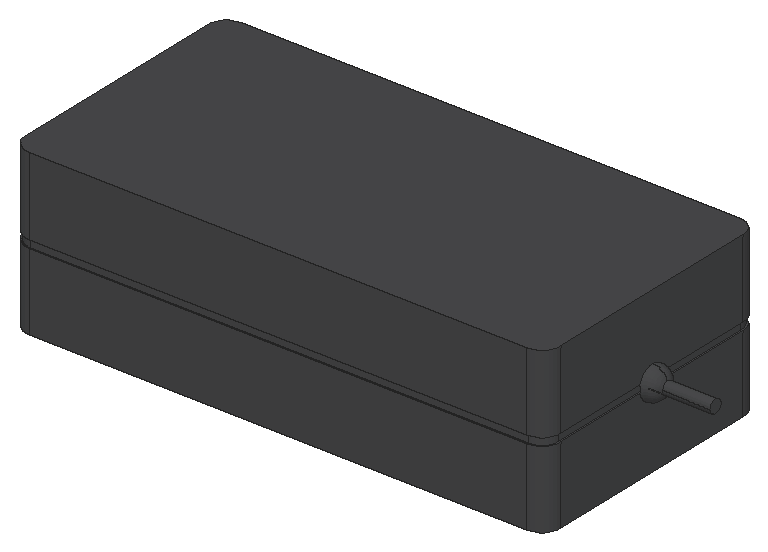
Revit family "LF242", category Luminarias, Revit 2019
Family settings
  Cota de conector redondo = Diámetro de uso
  Tipo de pieza = Normal
  Se basa en plano de trabajo = Sí
  Siempre vertical = No
  Corte con vacíos al cargar = No
  Origen de luz = No
  Compartido = Sí
  Punto de cálculo de habitación = No
Parameters (values of type "FUENTE_LF242")
  Keynote = ""
  Modelo = "LF242"
  Lamp = ""
  Fabricante = "BRILLANT"
  Default Elevation = 1219.2 mm
  Descripción = "FUENTE DE ALIMENTACION CON UNA CAPACIDAD DE 50W, ALIMENTACION ENTRADA 90-240VAC/50-60Hz, SALIDA 24VDC, 1.7mA, TEMPERATURA DE OPERACIÓN: 0-40C, DIMENSIONES DE 115X57X30MM, IP 20."
  Comentarios de vataje = "24V//90-240V"
Reference planes
  plane 1 "Centro (Frontal/Posterior)": y = 0
  plane 2: z = 0
  plane 3 "Centro (Izquierda/Derecha)": x = 0
  plane 4: x = -57.5
  plane 5: x = 57.5
  plane 6: y = 28.5
  plane 7: y = -28.5
  plane 8: z = 35
Forms (mm)
  Extrusion 1, solid, material "Default Form"
    sketch origin (0, 0, 0) x (1, 0, 0) y (0, 1, 0)
      loop
        arc (-53.412, 28.5) -> (-56.303, 27.303) -> (-57.5, 24.412) r 4.088
        line (-57.5, 24.412) -> (-57.5, -24.412)
        arc (-57.5, -24.412) -> (-56.303, -27.303) -> (-53.412, -28.5) r 4.088
        line (-53.412, -28.5) -> (53.412, -28.5)
        arc (53.412, -28.5) -> (56.303, -27.303) -> (57.5, -24.412) r 4.088
        line (57.5, -24.412) -> (57.5, 24.412)
        arc (57.5, 24.412) -> (56.303, 27.303) -> (53.412, 28.5) r 4.088
        line (53.412, 28.5) -> (-53.412, 28.5)
    from 0 to 35
  Extrusion 2, void
    sketch origin (0, 3.125, 0) x (0, 1, 0) y (0, 0, 1)
      loop
        line (-7.134, 25.039) -> (-14.233, 20.069) -> (-14.233, 11.631)
        arc (-14.233, 11.631) -> (-13.776, 10.526) -> (-12.671, 10.069) r 1.562
        line (-12.671, 10.069) -> (6.421, 10.069)
        arc (6.421, 10.069) -> (7.526, 10.526) -> (7.983, 11.631) r 1.562
        line (7.983, 11.631) -> (7.983, 20.069) -> (0.884, 25.039) -> (-7.134, 25.039)
      loop
        line (-2.677, 21.742) -> (-3.573, 21.742) -> (-3.573, 18.778) -> (-2.677, 18.778) -> (-2.677, 21.742)
      loop
        line (0.964, 18.794) -> (0.067, 18.794) -> (0.067, 15.83) -> (0.964, 15.83) -> (0.964, 18.794)
      loop
        line (-7.214, 18.794) -> (-7.214, 15.83) -> (-6.317, 15.83) -> (-6.317, 18.794) -> (-7.214, 18.794)
    from -57.5 to -54.518
  Extrusion 3, solid, material "Default Form"
    sketch origin (0, 0, 0) x (0, 1, 0) y (0, 0, 1)
      loop
        line (23.42, 9.493) -> (23.42, 24.574)
        arc (23.42, 24.574) -> (21.956, 28.109) -> (18.42, 29.574) r 5
        line (18.42, 29.574) -> (-18.421, 29.574)
        arc (-18.421, 29.574) -> (-21.834, 28.227) -> (-23.409, 24.913) r 5
        line (-23.409, 24.913) -> (-23.409, 9.49)
        arc (-23.409, 9.49) -> (-21.946, 5.957) -> (-18.413, 4.494) r 4.996
        line (-18.413, 4.494) -> (18.421, 4.494)
        arc (18.421, 4.494) -> (21.956, 5.958) -> (23.42, 9.493) r 4.999
      loop
        line (4.009, 25.039) -> (-4.009, 25.039) -> (-11.108, 20.069) -> (-11.108, 11.631)
        arc (-11.108, 11.631) -> (-10.651, 10.526) -> (-9.546, 10.069) r 1.562
        line (-9.546, 10.069) -> (9.546, 10.069)
        arc (9.546, 10.069) -> (10.651, 10.526) -> (11.108, 11.631) r 1.562
        line (11.108, 11.631) -> (11.108, 20.069) -> (4.009, 25.039)
    from -58.02 to -57.5
  Revolve 4, solid, material "Default Form"
    sketch origin (0, 0, 3.332) x (1, 0, 0) y (0, 0, 1)
      loop
        line (57.5, 14.141) -> (57.5, 10.623)
        arc (57.5, 10.623) -> (59.988, 11.653) -> (61.018, 14.141) r 3.518
        line (61.018, 14.141) -> (57.5, 14.141)
      axis (57.5, 14.141) -> (61.018, 14.141)
    angle from 0 to 360
  Extrusion 5, solid, material "Default Form"
    sketch origin (0, 0, 3.332) x (0, 1, 0) y (0, 0, 1)
      loop
        circle (0, 14.141) r 1.369
    from 57.5 to 71.086
  Extrusion 6, void
    sketch origin (0, 0, 3.276) x (0, -1, 0) y (1, 0, 0)
      loop
        arc (-28.9, -53.412) -> (-27.586, -56.586) -> (-24.412, -57.9) r 4.488
        line (-24.412, -57.9) -> (-23.402, -57.9) -> (-23.402, -57.1) -> (-24.412, -57.1)
        arc (-24.412, -57.1) -> (-27.02, -56.02) -> (-28.1, -53.412) r 3.688
        line (-28.1, -53.412) -> (-28.1, 53.412)
        arc (-28.1, 53.412) -> (-27.02, 56.02) -> (-24.412, 57.1) r 3.688
        line (-24.412, 57.1) -> (24.412, 57.1)
        arc (24.412, 57.1) -> (27.02, 56.02) -> (28.1, 53.412) r 3.688
        line (28.1, 53.412) -> (28.1, -53.412)
        arc (28.1, -53.412) -> (27.02, -56.02) -> (24.412, -57.1) r 3.688
        line (24.412, -57.1) -> (23.402, -57.1) -> (23.402, -57.9) -> (24.412, -57.9)
        arc (24.412, -57.9) -> (27.586, -56.586) -> (28.9, -53.412) r 4.488
        line (28.9, -53.412) -> (28.9, 53.412)
        arc (28.9, 53.412) -> (27.586, 56.586) -> (24.412, 57.9) r 4.488
        line (24.412, 57.9) -> (-24.412, 57.9)
        arc (-24.412, 57.9) -> (-27.586, 56.586) -> (-28.9, 53.412) r 4.488
        line (-28.9, 53.412) -> (-28.9, -53.412)
    from 13.282 to 15
Cuts and joins
  Extrusion 2, Extrusion 6 cuts Extrusion 1
  Extrusion 6 cuts Revolve 4
  Extrusion 6 cuts Extrusion 5
Dimensions and locks
  equal spacing: plane 4, plane 3 "Centro (Izquierda/Derecha)", plane 5
  plane 4 to plane 3 "Centro (Izquierda/Derecha)" = 57.5 mm
  plane 4 to plane 5 = 115 mm
  equal spacing: plane 6, plane 1 "Centro (Frontal/Posterior)", plane 7
  plane 8 to level = 35 mm
  plane 1 "Centro (Frontal/Posterior)" to plane 6 = 28.5 mm
  plane 6 to plane 7 = 57 mm
  plane 5 to plane 4 = 115 mm
  aligned and locked: level to plane 2
  aligned and locked: Extrusion 1 sketch curve to plane 6
  aligned and locked: plane 4 to Extrusion 1 sketch curve
  aligned and locked: plane 7 to Extrusion 1 sketch curve
  aligned and locked: plane 8 to Extrusion 1
  aligned and locked: Extrusion 5 to plane 5
  aligned and locked: plane 4 to Extrusion 3
  aligned and locked: Extrusion 2 to plane 4
Automatic sketch dimensions
  Extrusion 1 sketch curve to plane 5 = 0 mm
  plane 4 to Extrusion 1 sketch curve = 4.088 mm
  Extrusion 1 sketch curve to Extrusion 1 sketch curve = 4.088 mm
  Extrusion 1 sketch curve to plane 5 = 4.088 mm  (x2)
  Revolve 4 sketch curve to plane 5 = 0 mm  (x2)
  plane 5 to Revolve 4 sketch curve = 3.518 mm
  level to Revolve 4 sketch curve = 13.954 mm
  Revolve 4 sketch curve to Revolve 4 sketch curve = 7.436 mm
  Revolve 4 sketch curve to Revolve 4 sketch curve = 0 mm
  Extrusion 5 sketch curve to plane 1 "Centro (Frontal/Posterior)" = 0 mm
  level to Extrusion 5 sketch curve = 17.472 mm
  Extrusion 6 sketch curve to Extrusion 6 sketch curve = 0 mm  (x8)
  plane 6 to Extrusion 6 sketch curve = 0.4 mm
  Extrusion 6 sketch curve to plane 6 = 0.4 mm
  plane 5 to Extrusion 6 sketch curve = 0.4 mm
  Extrusion 6 sketch curve to plane 6 = 4.088 mm  (x2)
  plane 4 to Extrusion 6 sketch curve = 0.4 mm
  Extrusion 6 sketch curve to Extrusion 6 sketch curve = 1.011 mm  (x2)
  Extrusion 6 sketch curve to plane 4 = 0.4 mm
  plane 7 to Extrusion 6 sketch curve = 5.098 mm
  plane 7 to Extrusion 6 sketch curve = 4.088 mm
  plane 7 to Extrusion 6 sketch curve = 0.4 mm
  plane 7 to Extrusion 3 sketch curve = 5.091 mm
  Extrusion 3 sketch curve to Extrusion 3 sketch curve = 4.988 mm
  Extrusion 3 sketch curve to Extrusion 3 sketch curve = 4.996 mm
  Extrusion 3 sketch curve to Extrusion 3 sketch curve = 7.312 mm  (x2)
  plane 1 "Centro (Frontal/Posterior)" to Extrusion 3 sketch curve = 4.009 mm
  Extrusion 3 sketch curve to plane 1 "Centro (Frontal/Posterior)" = 4.009 mm
  Extrusion 3 sketch curve to plane 1 "Centro (Frontal/Posterior)" = 9.546 mm
  Extrusion 3 sketch curve to Extrusion 3 sketch curve = 1.562 mm  (x2)
  Extrusion 3 sketch curve to Extrusion 3 sketch curve = 7.313 mm
  Extrusion 3 sketch curve to Extrusion 3 sketch curve = 5 mm
  level to Extrusion 3 sketch curve = 4.494 mm
  Extrusion 3 sketch curve to Extrusion 3 sketch curve = 0.579 mm
  Extrusion 3 sketch curve to Extrusion 3 sketch curve = 8.438 mm  (x2)
  Extrusion 3 sketch curve to Extrusion 3 sketch curve = 4.505 mm  (x2)
  Extrusion 3 sketch curve to Extrusion 3 sketch curve = 4.971 mm
  plane 1 "Centro (Frontal/Posterior)" to Extrusion 2 sketch curve = 11.108 mm
  Extrusion 2 sketch curve to Extrusion 2 sketch curve = 1.562 mm
  plane 1 "Centro (Frontal/Posterior)" to Extrusion 2 sketch curve = 4.089 mm
  plane 1 "Centro (Frontal/Posterior)" to Extrusion 2 sketch curve = 4.009 mm
  Extrusion 2 sketch curve to Extrusion 2 sketch curve = 0.896 mm  (x2)
  plane 1 "Centro (Frontal/Posterior)" to Extrusion 2 sketch curve = 0.448 mm
  Extrusion 2 sketch curve to plane 1 "Centro (Frontal/Posterior)" = 0.448 mm
  Extrusion 2 sketch curve to Extrusion 2 sketch curve = 2.744 mm
  Extrusion 2 sketch curve to plane 1 "Centro (Frontal/Posterior)" = 4.009 mm
  Extrusion 2 sketch curve to Extrusion 2 sketch curve = 5.457 mm
  Extrusion 2 sketch curve to Extrusion 2 sketch curve = 7.019 mm
  level to Extrusion 2 sketch curve = 10.069 mm
  Extrusion 2 sketch curve to Extrusion 2 sketch curve = 4.199 mm
  Extrusion 2 sketch curve to Extrusion 2 sketch curve = 0 mm
  Extrusion 2 sketch curve to Extrusion 2 sketch curve = 2.948 mm
  Extrusion 2 sketch curve to Extrusion 2 sketch curve = 2.965 mm  (x2)
  Extrusion 2 sketch curve to Extrusion 2 sketch curve = 0.017 mm
  Extrusion 2 sketch curve to Extrusion 2 sketch curve = 1.274 mm  (x2)
  Extrusion 2 sketch curve to Extrusion 2 sketch curve = 3.297 mm
  radius of Extrusion 5 sketch curve = 1.369 mm
Connectors
  electrical at (71.086, 0, 17.472)
    settings: on cut or joined group of Extrusion 5, Extrusion 6, index 1, voltage 240 V, apparent load 0 VA, apparent load phase1 0 VA, apparent load phase2 0 VA, apparent load phase3 0 VA, power factor 1, load classification "Otro", number of poles 1, system type 31, power factor state 1, is connector primary yes, connector utility no, sub classification motor no, connector description ""
  electrical at (-58.02, 0.004, 17.076)
    settings: on Extrusion 3, index 2, voltage 24 V, apparent load 0 VA, apparent load phase1 0 VA, apparent load phase2 0 VA, apparent load phase3 0 VA, power factor 1, load classification "Otro", number of poles 1, system type 31, power factor state 1, is connector primary no, connector utility no, sub classification motor no, connector description ""
